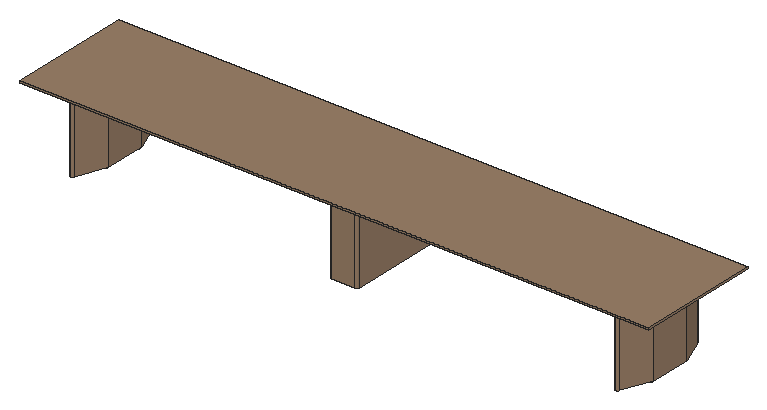
Revit family "Table-Teknion-CFTSTH_Figure_Table_Rectangular_Hexa_Panel_Base_Subtop-R2023", category Furniture, Revit 2023
Family settings
  OmniClass Number = 23.40.20.00
  OmniClass Title = General Furniture and Specialties
  Work Plane-Based = No
  Enable Cutting in Views = No
  Always vertical = Yes
  Cut with Voids When Loaded = No
  Render Appearance Source = Family Geometry
  Shared = Yes
  Room Calculation Point = No
Parameters (values of type "Softened Panel Central Base")
  Width [instance] = 240.000"
  Warranty = "http://www.teknion.com/ca/papers/legal-canada"
  Unit Weight URL = "http://www.teknion.com/ca/tools/assets#&asset=bee6a381-b954-425e-8283-5a2de3a804f2,f828d448-4b62-4231-9e5f-9a8991c0ed77"
  URL = "www.teknion.com"
  Top Finish [instance] = Veneer-Teknion-LX-Natural_Veneer_V3-Sierra_Flat_Cut
  To render please download texture images found here [instance] = "https://assets.teknion.com/web/5e81352c1dfdb467/revit-material-swatches/"
  Sustainability Data = "https://www.teknion.com/ca/tools/assets#&topic=216f99a5-57a0-44fc-b10a-9dee9b29ae4c&asset=444deb64-fe58-4b68-981e-f75e97781df7,b4ff2d81-9f2e-437d-9659-7cffb09c31cf"
  Series = "Custom Wood Boardroom & Reception Tables"  # constant formula
  S - Softened Panel = yes
  Product Page URL = "https://www.teknion.com/ca/products/product-details?productLineId=f182336e-8e7a-673b-a6c8-ff00004460c4"
  Product Line = "Figure Table"  # constant formula
  Product Documentation Link = "https://d2r72yk5wmppdj.cloudfront.net/m/7b6608f508e3c5a8/Community_Table_Cut_Sheet.pdf"
  Power Cover Finish [instance] = Paint - Teknion - Foundation - Sand
  Part Number = "CFTSTH"  # constant formula
  Panel Width [instance] = if(Depth = 60.000", 36.000", 30.000")  # 36.000"
  N - No Central Base = no
  Model = "CFTSTH_____S"
  Manufacturer Phone = "416-661-3370"  # constant formula
  Manufacturer Fax = "416.661.4586"  # constant formula
  Manufacturer Contact Information = "http://www.teknion.com/ca/contactus"
  Manufacturer Address = "1150 Flint Road, Toronto, ON. M3J 2J5. Canada"  # constant formula
  Manufacturer = "Teknion"  # constant formula
  2D - Softened + 36" Panel Width [instance] = and([S - Softened Panel], Panel Width = 36.000")  # yes
  2D - Softened + 30" Panel Width [instance] = and([S - Softened Panel], Panel Width = 30.000")  # no
  2D - Hexa Panel [instance] = [H - Hexa Panel]  # no
  How To Use Teknion Materials User Guide [instance] = "https://assets.teknion.com/m/205dd0a49fa58060/original/How-to-add-a-Material-Library-and-Texture-Images-to-your-Revit-project.pdf"
  H - Hexa Panel = no
  Glide Finish [instance] = Paint - Teknion - Foundation - Sand
  For Additional Finishes please visit [instance] = "https://assets.teknion.com/m/44a8009b046e5d47/original/Teknion_Materials_Library.zip"
  Dim 2 [instance] = if(Depth = 48.000", 15.000", 18.000")  # 18.000"
  Dim 1 [instance] = if([N - No Central Base], 3.000", 19.000")  # 19.000"
  Description = "Figure Table, Rectangular, Hexa Panel Base, Subtop , Softened Panel Central Base"
  Depth [instance] = 60.000"
  Default Elevation = 0.000"
  Cut - Central Base - Softened = if([S - Softened Panel], 15.000", 0.300")  # 15.000"
  Cut - Central Base - Hexa = if([H - Hexa Panel], 15.000", 0.300")  # 0.300"
  Central Base With Wire Management = "Select Only One Central Base Option Below"  # constant formula
  Base Finish [instance] = Veneer-Teknion-LX-Natural_Veneer_V3-Sierra_Flat_Cut
  Available Width [instance] = if([N - No Central Base], "096, 108 & 120 Inch Only", "132, 144, 156, 168, 180, 192, 204, 216, 228 & 240 Inch")  # "132, 144, 156, 168, 180, 192, 204, 216, 228 & 240 Inch"
  Available Depth [instance] = "48, 54 & 60 Inch"  # constant formula
  Assembly Code = "E2020200"
Reference planes (in)
  plane 1 "Center Front/Back": y = 0
  plane 2: z = 0
  plane 3 "Center Left/Right": x = 0
  plane 4 "Left": x = -120
  plane 5 "Right": x = 120
  plane 6 "Back": y = 30
  plane 7 "Front": y = -30
  plane 8 "Top": z = 29
  plane 9: x = -97
  plane 10: x = 97
  plane 11: x = -78
  plane 12: x = 78
  plane 13: x = -40
  plane 14: x = 40
  plane 15: z = 28
  plane 16: y = 22
  plane 17: x = 112
  plane 18: x = -112
  plane 19: y = -22
Forms (in)
  Sweep 1, solid, material "Veneer-Teknion-LX-Natural_Veneer_V3-Sierra_Flat_Cut" <- "Top Finish"
    path origin (0, 0, 0) x (1, 0, 0) y (0, 0, 1)
      loop
        line (0, 27.5) -> (0, 26.75)
    profile origin (0, 0, 27.125) x (0, -1, 0) y (1, 0, 0)
      loop
        line (-22, -112) -> (22, -112) -> (22, 112) -> (-22, 112) -> (-22, -112)
  Sweep 2, solid, material "Veneer-Teknion-LX-Natural_Veneer_V3-Sierra_Flat_Cut" <- "Top Finish"
    path origin (0, 0, 0) x (1, 0, 0) y (0, 1, 0)
      loop
        line (-97, 0) -> (97, 0)
    profile origin (0, 0, 0) x (0, 1, 0) y (0, 0, 1)
      loop
        line (10.932, 26.75) -> (7.932, 18.75) -> (9, 18.75) -> (12, 26.75) -> (10.932, 26.75)
      loop
        line (-7.932, 18.75) -> (-10.932, 26.75) -> (-12, 26.75) -> (-9, 18.75) -> (-7.932, 18.75)
  Sweep 3, void
    path origin (0, 0, 0) x (1, 0, 0) y (0, 0, 1)
      loop
        line (0, 27) -> (0, 13)
    profile origin (0, 0, 20) x (0, -1, 0) y (1, 0, 0)
      loop
        line (-7.932, -92.26447) -> (-12, -93.90516) -> (-12, -97) -> (-7.932, -97) -> (-7.932, -92.26447)
      loop
        line (7.932, -92.26447) -> (7.932, -97) -> (12, -97) -> (12, -93.90516) -> (7.932, -92.26447)
      loop
        line (-7.932, 92.26447) -> (-7.932, 97) -> (-12, 97) -> (-12, 93.90516) -> (-7.932, 92.26447)
      loop
        line (7.932, 92.26447) -> (12, 93.90516) -> (12, 97) -> (7.932, 97) -> (7.932, 92.26447)
  Sweep 4, void
    path origin (0, 0, 0) x (1, 0, 0) y (0, 0, 1)
      loop
        line (0, 14) -> (0, 14.3)
    profile origin (0, 0, 14.15) x (-1, 0, 0) y (0, -1, 0)
      loop
        line (2.68094, 13.02625) -> (-2.68094, 13.02625) -> (-5, 7.27625) -> (5, 7.27625) -> (2.68094, 13.02625)
      loop
        line (2.68094, -13.02625) -> (5, -7.27625) -> (-5, -7.27625) -> (-2.68094, -13.02625) -> (2.68094, -13.02625)
  Sweep 5, void
    path origin (0, 0, 0) x (1, 0, 0) y (0, 0, 1)
      loop
        line (0, 15) -> (0, 30)
    profile origin (0, 0, 22.5) x (-1, 0, 0) y (0, -1, 0)
      loop
        line (5, -13.93709) -> (5, 13.93709) -> (-5, 13.93709) -> (-5, -13.93709) -> (5, -13.93709)
Cuts and joins
  Sweep 3, Sweep 4, Sweep 5 cuts Sweep 2
Lines and regions (in)
  Masking region 1
    outline origin (0, 0, 0) x (1, 0, 0) y (0, 1, 0)
      loop
        line (112, 22) -> (-112, 22) -> (-112, -22) -> (112, -22) -> (112, 22)
  symbolic lines, style "FurnitureHiddenLines", visible <- "N - No Central Base", detail levels medium+fine
    curve 1: line (93.90516, 12, 0) -> (-93.90516, 12, 0)
    curve 2: line (93.47442, 10.932, 0) -> (-93.47442, 10.932, 0)
    curve 3: line (92.69521, 9, 0) -> (-92.69521, 9, 0)
    curve 4: line (-92.26447, 7.932, 0) -> (92.26447, 7.932, 0)
    curve 5: line (92.26447, -7.932, 0) -> (-92.26447, -7.932, 0)
    curve 6: line (92.69521, -9, 0) -> (-92.69521, -9, 0)
    curve 7: line (-93.47442, -10.932, 0) -> (93.47442, -10.932, 0)
    curve 8: line (93.90516, -12, 0) -> (-93.90516, -12, 0)
  symbolic lines, style "FurnitureHiddenLines", visible <- "S - Softened Panel", detail levels medium+fine
    curve 9: line (93.90516, 12, 0) -> (5, 12, 0)
    curve 10: line (93.47442, 10.932, 0) -> (5, 10.932, 0)
    curve 11: line (92.69521, 9, 0) -> (5, 9, 0)
    curve 12: line (-92.26447, 7.932, 0) -> (-5, 7.932, 0)
    curve 13: line (92.26447, -7.932, 0) -> (5, -7.932, 0)
    curve 14: line (92.69521, -9, 0) -> (5, -9, 0)
    curve 15: line (-93.47442, -10.932, 0) -> (-5, -10.932, 0)
    curve 16: line (93.90516, -12, 0) -> (5, -12, 0)
    curve 17: line (-5, 12, 0) -> (-93.90516, 12, 0)
    curve 18: line (-5, 10.932, 0) -> (-93.47442, 10.932, 0)
    curve 19: line (-5, 9, 0) -> (-92.69521, 9, 0)
    curve 20: line (5, 7.932, 0) -> (92.26447, 7.932, 0)
    curve 21: line (-5, -7.932, 0) -> (-92.26447, -7.932, 0)
    curve 22: line (-5, -9, 0) -> (-92.69521, -9, 0)
    curve 23: line (5, -10.932, 0) -> (93.47442, -10.932, 0)
    curve 24: line (-5, -12, 0) -> (-93.90516, -12, 0)
  symbolic lines, style "FurnitureHiddenLines", visible <- "H - Hexa Panel", detail levels medium+fine
    curve 25: line (93.90516, 12, 0) -> (3.09484, 12, 0)
    curve 26: line (93.47442, 10.932, 0) -> (3.52558, 10.932, 0)
    curve 27: line (92.69521, 9, 0) -> (4.30479, 9, 0)
    curve 28: line (-92.26447, 7.932, 0) -> (-4.73553, 7.932, 0)
    curve 29: line (92.26447, -7.932, 0) -> (4.73553, -7.932, 0)
    curve 30: line (92.69521, -9, 0) -> (4.30479, -9, 0)
    curve 31: line (-93.47442, -10.932, 0) -> (-3.52558, -10.932, 0)
    curve 32: line (93.90516, -12, 0) -> (3.09484, -12, 0)
    curve 33: line (-3.09484, -12, 0) -> (-93.90516, -12, 0)
    curve 34: line (3.52558, -10.932, 0) -> (93.47442, -10.932, 0)
    curve 35: line (-4.30479, -9, 0) -> (-92.69521, -9, 0)
    curve 36: line (-4.73553, -7.932, 0) -> (-92.26447, -7.932, 0)
    curve 37: line (4.73553, 7.932, 0) -> (92.26447, 7.932, 0)
    curve 38: line (-4.30479, 9, 0) -> (-92.69521, 9, 0)
    curve 39: line (-3.52558, 10.932, 0) -> (-93.47442, 10.932, 0)
    curve 40: line (-3.09484, 12, 0) -> (-93.90516, 12, 0)
  reference lines
    curve 41: line (-112, 22, 0) -> (112, 22, 0)
    curve 42: line (112, -22, 0) -> (112, 22, 0)
    curve 43: line (112, -22, 0) -> (-112, -22, 0)
    curve 44: line (-112, 22, 0) -> (-112, -22, 0)
Dimensions and locks (in)
  "Width": plane 4 "Left" to plane 5 "Right"
  "Depth": plane 6 "Back" to plane 7 "Front"
  locked: plane 8 "Top" to level at 29
  equal spacing: plane 6 "Back", plane 1 "Center Front/Back", plane 7 "Front"
  equal spacing: plane 4 "Left", plane 3 "Center Left/Right", plane 5 "Right"
  Sweep 1 sketch curve to Sweep 1 sketch curve to plane 8 "Top" = 0.750" locked, 1.500" locked
  locked: plane 4 "Left" to Sweep 1 sketch curve at 8
  locked: Sweep 1 sketch curve to plane 5 "Right" at 8
  locked: plane 6 "Back" to Sweep 1 sketch curve at 8
  locked: plane 7 "Front" to Sweep 1 sketch curve at 8
  locked: plane 4 "Left" to Sweep 2 sketch curve at 23
  locked: Sweep 2 sketch curve to plane 5 "Right" at 23
  Sweep 2 sketch curve to Sweep 2 sketch curve to Sweep 2 sketch curve to Sweep 2 sketch curve = 1.068" locked, 1.932" locked, 1.068" locked  (x2)
  plane 8 "Top" to Sweep 2 sketch curve to Sweep 2 sketch curve = 2.250" locked, 8.000" locked
  Sweep 3 sketch curve to Sweep 3 sketch curve to plane 8 "Top" = 14.000" locked, 2.000" locked
  locked: plane 4 "Left" to plane 9 at 23
  locked: plane 10 to plane 5 "Right" at 23
  "Dim 1": plane 9 to plane 11
  "Dim 1": plane 12 to plane 10
  locked: Sweep 4 sketch curve to plane 2 at 14
  "Cut - Central Base - Hexa": Sweep 4 sketch curve to Sweep 4 sketch curve
  Sweep 4 sketch curve to Sweep 4 sketch curve to plane 3 "Center Left/Right" to Sweep 4 sketch curve to Sweep 4 sketch curve = 2.31906" locked, 2.68094" locked, 2.68094" locked, 2.31906" locked  (x2)
  plane 7 "Front" to Sweep 4 sketch curve to Sweep 4 sketch curve = 16.97375" locked, 5.750" locked
  plane 6 "Back" to Sweep 4 sketch curve to Sweep 4 sketch curve = 16.97375" locked, 5.750" locked
  equal spacing: plane 4 "Left", plane 13, plane 14, plane 5 "Right"
  locked: plane 8 "Top" to plane 15 at 1
  "Cut - Central Base - Softened": Sweep 5 sketch curve to Sweep 5 sketch curve
  locked: plane 8 "Top" to Sweep 5 sketch curve at 14
  Sweep 5 sketch curve to plane 1 "Center Front/Back" to Sweep 5 sketch curve = 13.93709" locked, 13.93709" locked
  Sweep 5 sketch curve to plane 3 "Center Left/Right" to Sweep 5 sketch curve = 5.000" locked, 5.000" locked
  "Dim 2": plane 7 "Front" to Sweep 2 sketch curve
  "Dim 2": Sweep 2 sketch curve to plane 6 "Back"
  "Dim 2": plane 6 "Back" to Sweep 3 sketch curve
  locked: Sweep 3 sketch curve to Sweep 3 sketch curve at 4.068  (x4)
  plane 9 to Sweep 3 sketch curve to Sweep 3 sketch curve = 3.09484" locked, 1.64068" locked  (x2)
  "Dim 2": Sweep 3 sketch curve to plane 7 "Front"
  plane 10 to Sweep 3 sketch curve to Sweep 3 sketch curve = 3.09484" locked, 1.64068" locked  (x2)
  "Dim 2": Sweep 3 sketch curve to plane 6 "Back"
  "Dim 2": plane 7 "Front" to Sweep 3 sketch curve
  locked: plane 7 "Front" to plane 19 at 8
  locked: plane 6 "Back" to plane 16 at 8
  locked: plane 4 "Left" to plane 18 at 8
  locked: plane 17 to plane 5 "Right" at 8
  aligned and locked: level to plane 2
  aligned and locked: Sweep 1 sketch curve to plane 3 "Center Left/Right"
  aligned and locked: plane 1 "Center Front/Back" to Sweep 2 sketch curve
  aligned and locked: Sweep 2 sketch curve to Sweep 2 sketch curve  (x2)
  aligned and locked: Sweep 3 sketch curve to plane 3 "Center Left/Right"
  aligned and locked: plane 1 "Center Front/Back" to nested 1
  aligned and locked: plane 1 "Center Front/Back" to nested 2
  aligned and locked: plane 9 to nested 2
  aligned and locked: nested 1 to plane 10
  aligned and locked: plane 3 "Center Left/Right" to nested 3
  aligned and locked: plane 1 "Center Front/Back" to nested 3
  aligned and locked: nested 3 to Sweep 4 sketch curve
  aligned and locked: plane 3 "Center Left/Right" to Sweep 5 sketch curve
  aligned and locked: plane 3 "Center Left/Right" to nested 4
  aligned and locked: plane 1 "Center Front/Back" to nested 4
  aligned and locked: Sweep 3 sketch curve to nested 2
  aligned and locked: plane 9 to Sweep 3 sketch curve
  aligned and locked: curve 1 to cut or joined group of Sweep 2, Sweep 3, Sweep 4, Sweep 5
  aligned and locked: curve 2 to cut or joined group of Sweep 2, Sweep 3, Sweep 4, Sweep 5
  aligned and locked: curve 3 to cut or joined group of Sweep 2, Sweep 3, Sweep 4, Sweep 5
  aligned and locked: curve 4 to cut or joined group of Sweep 2, Sweep 3, Sweep 4, Sweep 5
  aligned and locked: curve 5 to cut or joined group of Sweep 2, Sweep 3, Sweep 4, Sweep 5
  aligned and locked: curve 6 to cut or joined group of Sweep 2, Sweep 3, Sweep 4, Sweep 5
  aligned and locked: curve 7 to cut or joined group of Sweep 2, Sweep 3, Sweep 4, Sweep 5
  aligned and locked: curve 8 to cut or joined group of Sweep 2, Sweep 3, Sweep 4, Sweep 5
  aligned and locked: curve 9 to cut or joined group of Sweep 2, Sweep 3, Sweep 4, Sweep 5
  aligned and locked: curve 10 to cut or joined group of Sweep 2, Sweep 3, Sweep 4, Sweep 5
  aligned and locked: curve 11 to cut or joined group of Sweep 2, Sweep 3, Sweep 4, Sweep 5
  aligned and locked: curve 12 to cut or joined group of Sweep 2, Sweep 3, Sweep 4, Sweep 5
  aligned and locked: curve 13 to cut or joined group of Sweep 2, Sweep 3, Sweep 4, Sweep 5
  aligned and locked: curve 14 to cut or joined group of Sweep 2, Sweep 3, Sweep 4, Sweep 5
  aligned and locked: curve 15 to cut or joined group of Sweep 2, Sweep 3, Sweep 4, Sweep 5
  aligned and locked: curve 16 to cut or joined group of Sweep 2, Sweep 3, Sweep 4, Sweep 5
  aligned and locked: cut or joined group of Sweep 2, Sweep 3, Sweep 4, Sweep 5 to curve 24
  aligned and locked: cut or joined group of Sweep 2, Sweep 3, Sweep 4, Sweep 5 to curve 22
  aligned and locked: cut or joined group of Sweep 2, Sweep 3, Sweep 4, Sweep 5 to curve 21
  aligned and locked: cut or joined group of Sweep 2, Sweep 3, Sweep 4, Sweep 5 to curve 23
  aligned and locked: cut or joined group of Sweep 2, Sweep 3, Sweep 4, Sweep 5 to curve 17
  aligned and locked: cut or joined group of Sweep 2, Sweep 3, Sweep 4, Sweep 5 to curve 18
  aligned and locked: cut or joined group of Sweep 2, Sweep 3, Sweep 4, Sweep 5 to curve 19
  aligned and locked: cut or joined group of Sweep 2, Sweep 3, Sweep 4, Sweep 5 to curve 20
  aligned and locked: curve 25 to cut or joined group of Sweep 2, Sweep 3, Sweep 4, Sweep 5
  aligned and locked: curve 26 to cut or joined group of Sweep 2, Sweep 3, Sweep 4, Sweep 5
  aligned and locked: curve 27 to cut or joined group of Sweep 2, Sweep 3, Sweep 4, Sweep 5
  aligned and locked: curve 28 to cut or joined group of Sweep 2, Sweep 3, Sweep 4, Sweep 5
  aligned and locked: curve 29 to cut or joined group of Sweep 2, Sweep 3, Sweep 4, Sweep 5
  aligned and locked: curve 30 to cut or joined group of Sweep 2, Sweep 3, Sweep 4, Sweep 5
  aligned and locked: curve 31 to cut or joined group of Sweep 2, Sweep 3, Sweep 4, Sweep 5
  aligned and locked: curve 32 to cut or joined group of Sweep 2, Sweep 3, Sweep 4, Sweep 5
  aligned and locked: cut or joined group of Sweep 2, Sweep 3, Sweep 4, Sweep 5 to curve 33
  aligned and locked: cut or joined group of Sweep 2, Sweep 3, Sweep 4, Sweep 5 to curve 34
  aligned and locked: cut or joined group of Sweep 2, Sweep 3, Sweep 4, Sweep 5 to curve 35
  aligned and locked: cut or joined group of Sweep 2, Sweep 3, Sweep 4, Sweep 5 to curve 36
  aligned and locked: cut or joined group of Sweep 2, Sweep 3, Sweep 4, Sweep 5 to curve 37
  aligned and locked: cut or joined group of Sweep 2, Sweep 3, Sweep 4, Sweep 5 to curve 38
  aligned and locked: cut or joined group of Sweep 2, Sweep 3, Sweep 4, Sweep 5 to curve 39
  aligned and locked: cut or joined group of Sweep 2, Sweep 3, Sweep 4, Sweep 5 to curve 40
  aligned and locked: Masking region 1 sketch curve to Sweep 1  (x4)
  aligned and locked: curve 41 to plane 16
  aligned and locked: curve 42 to plane 17
  aligned and locked: curve 43 to plane 19
  aligned and locked: curve 44 to plane 18
  aligned and locked: plane 2 to nested 2
  aligned and locked: plane 2 to nested 4
  aligned and locked: plane 2 to nested 3
  aligned and locked: plane 2 to nested 1
  aligned and locked: plane 1 "Center Front/Back" to nested 5
  aligned and locked: plane 3 "Center Left/Right" to nested 5
Automatic sketch dimensions
  Sweep 3 sketch curve to Sweep 3 sketch curve = 3.09484"  (x2)
  curve 17 to plane 3 "Center Left/Right" = 5.000"
  plane 3 "Center Left/Right" to curve 10 = 5.000"
  curve 11 to curve 20 = 0.000"
  plane 3 "Center Left/Right" to curve 16 = 5.000"
  plane 3 "Center Left/Right" to curve 9 = 5.000"
  curve 18 to curve 17 = 0.000"
  plane 3 "Center Left/Right" to curve 11 = 5.000"
  plane 3 "Center Left/Right" to curve 14 = 5.000"
  curve 13 to curve 14 = 0.000"
  curve 15 to curve 22 = 0.000"
  curve 24 to curve 15 = 0.000"
  curve 23 to curve 16 = 0.000"
  curve 24 to curve 33 = 1.90516"
  curve 21 to curve 36 = 0.26447"
  curve 19 to curve 38 = 0.69521"
  curve 22 to plane 3 "Center Left/Right" = 5.000"
  curve 19 to curve 18 = 0.000"
  curve 21 to curve 22 = 0.000"
  curve 12 to curve 19 = 0.000"
  curve 12 to curve 28 = 0.26447"
  curve 22 to curve 35 = 0.69521"
  curve 31 to curve 33 = 0.43074"
  curve 18 to curve 39 = 1.47442"
  curve 39 to curve 40 = 0.43074"
  curve 32 to curve 16 = 1.90516"
  curve 25 to curve 9 = 1.90516"
  curve 25 to curve 26 = 0.43074"
  curve 32 to curve 34 = 0.43074"
  curve 30 to curve 14 = 0.69521"
  curve 27 to curve 11 = 0.69521"
  curve 29 to curve 13 = 0.26447"
  curve 37 to curve 20 = 0.26447"
  plane 9 to curve 12 = 4.73553"
  curve 28 to curve 12 = 0.000"
  plane 9 to curve 21 = 4.73553"
  curve 36 to curve 21 = 0.000"
  curve 4 to curve 12 = 0.000"
  curve 5 to curve 21 = 0.000"
  curve 3 to curve 4 = 0.43074"
  curve 22 to curve 5 = 0.43074"
  curve 35 to curve 22 = 0.000"
  curve 19 to curve 3 = 0.000"
  curve 38 to curve 19 = 0.000"
  curve 6 to curve 22 = 0.000"
  curve 15 to curve 6 = 0.7792"
  curve 18 to curve 19 = 0.7792"
  curve 39 to curve 18 = 0.000"
  curve 7 to curve 15 = 0.000"
  curve 2 to curve 18 = 0.000"
  curve 31 to curve 7 = 0.000"
  curve 33 to curve 7 = 0.43074"
  curve 24 to curve 33 = 0.000"
  curve 1 to curve 18 = 0.43074"
  curve 17 to curve 1 = 0.000"
  curve 8 to curve 24 = 0.000"
  curve 40 to curve 1 = 0.000"
  plane 10 to curve 5 = 4.73553"
  plane 10 to curve 37 = 4.73553"
  curve 20 to curve 37 = 0.000"
  curve 13 to curve 5 = 0.000"
  curve 4 to curve 20 = 0.000"
  curve 29 to curve 5 = 0.000"
  curve 5 to curve 14 = 0.43074"
  curve 20 to curve 27 = 0.43074"
  curve 30 to curve 14 = 0.000"
  curve 6 to curve 14 = 0.000"
  curve 3 to curve 27 = 0.000"
  curve 11 to curve 3 = 0.000"
  curve 3 to curve 26 = 0.7792"
  curve 6 to curve 7 = 0.7792"
  curve 34 to curve 7 = 0.000"
  curve 10 to curve 26 = 0.000"
  curve 23 to curve 34 = 0.000"
  curve 2 to curve 10 = 0.000"
  curve 23 to curve 8 = 0.43074"
  curve 2 to curve 25 = 0.43074"
  curve 9 to curve 25 = 0.000"
  curve 32 to curve 8 = 0.000"
  curve 16 to curve 8 = 0.000"
  curve 1 to curve 9 = 0.000"
Nested families (in)
  nested 1: "Hexa Panel" at (97, 0, 0), Panel Width <- "Panel Width", Base Finish <- "Base Finish", Glide Finish <- "Glide Finish", type "Hexa Panel"
    with To render please download texture images found here "https://assets.teknion.com/web/5e81352c1dfdb467/revit-material-swatches/", Panel Width 36.000", How To Use Teknion Materials User Guide "https://assets.teknion.com/m/205dd0a49fa58060/original/How-to-add-a-Material-Library-and-Texture-Images-to-your-Revit-project.pdf", Glide Finish Paint - Teknion - Foundation - Sand, For Additional Finishes please visit "https://assets.teknion.com/m/44a8009b046e5d47/original/Teknion_Materials_Library.zip", Base Finish Veneer-Teknion-LX-Natural_Veneer_V3-Sierra_Flat_Cut
  nested 2: "Hexa Panel" at (-97, 0, 0), Panel Width <- "Panel Width", Base Finish <- "Base Finish", Glide Finish <- "Glide Finish", type "Hexa Panel"
    with To render please download texture images found here "https://assets.teknion.com/web/5e81352c1dfdb467/revit-material-swatches/", Panel Width 36.000", How To Use Teknion Materials User Guide "https://assets.teknion.com/m/205dd0a49fa58060/original/How-to-add-a-Material-Library-and-Texture-Images-to-your-Revit-project.pdf", Glide Finish Paint - Teknion - Foundation - Sand, For Additional Finishes please visit "https://assets.teknion.com/m/44a8009b046e5d47/original/Teknion_Materials_Library.zip", Base Finish Veneer-Teknion-LX-Natural_Veneer_V3-Sierra_Flat_Cut
  nested 3: "Hexa Panel" at (0, 0, 0), Panel Width <- "Panel Width", visible <- "2D - Hexa Panel", Base Finish <- "Base Finish", Glide Finish <- "Glide Finish", type "Hexa Panel"
    with To render please download texture images found here "https://assets.teknion.com/web/5e81352c1dfdb467/revit-material-swatches/", Panel Width 36.000", How To Use Teknion Materials User Guide "https://assets.teknion.com/m/205dd0a49fa58060/original/How-to-add-a-Material-Library-and-Texture-Images-to-your-Revit-project.pdf", Glide Finish Paint - Teknion - Foundation - Sand, For Additional Finishes please visit "https://assets.teknion.com/m/44a8009b046e5d47/original/Teknion_Materials_Library.zip", Base Finish Veneer-Teknion-LX-Natural_Veneer_V3-Sierra_Flat_Cut
  nested 4: "Softened Panel" at (0, 0, 0), Panel Width <- "Panel Width", visible <- "S - Softened Panel", Base Finish <- "Base Finish", Glide Finish <- "Glide Finish", type "Softened Panel"
    with To render please download texture images found here "https://assets.teknion.com/web/5e81352c1dfdb467/revit-material-swatches/", Panel Width 36.000", How To Use Teknion Materials User Guide "https://assets.teknion.com/m/205dd0a49fa58060/original/How-to-add-a-Material-Library-and-Texture-Images-to-your-Revit-project.pdf", Glide Finish Paint - Teknion - Foundation - Sand, For Additional Finishes please visit "https://assets.teknion.com/m/44a8009b046e5d47/original/Teknion_Materials_Library.zip", Cut 3 0.300", Cut 2 0.300", Cut 1 15.000", Base Finish Veneer-Teknion-LX-Natural_Veneer_V3-Sierra_Flat_Cut, 2D - 36W yes, 2D - 30W no
  nested 5: "Teknion_2D_Node_Family-R2016" at (0, 0, 0), type "Teknion_2D_Node_Family-R2016"
Definition of nested family "Hexa Panel"
  Parameters (values of type "Hexa Panel")
    Warranty = "http://www.teknion.com/ca/papers/legal-canada"
    Unit Weight URL = "http://www.teknion.com/ca/tools/assets#&asset=bee6a381-b954-425e-8283-5a2de3a804f2,f828d448-4b62-4231-9e5f-9a8991c0ed77"
    URL = "www.teknion.com"
    To render please download texture images found here [instance] = "https://assets.teknion.com/web/5e81352c1dfdb467/revit-material-swatches/"
    Sustainability Data = "https://www.teknion.com/ca/tools/assets#&topic=216f99a5-57a0-44fc-b10a-9dee9b29ae4c&asset=444deb64-fe58-4b68-981e-f75e97781df7,b4ff2d81-9f2e-437d-9659-7cffb09c31cf"
    Series = ""
    Product Page URL = ""
    Product Line = ""
    Product Documentation Link = ""
    Part Number = ""
    Panel Width [instance] = 36.000"
    Model = ""
    Manufacturer Phone = "416-661-3370"  # constant formula
    Manufacturer Fax = "416.661.4586"  # constant formula
    Manufacturer Contact Information = "http://www.teknion.com/ca/contactus"
    Manufacturer Address = "1150 Flint Road, Toronto, ON. M3J 2J5. Canada"  # constant formula
    Manufacturer = "Teknion"  # constant formula
    How To Use Teknion Materials User Guide [instance] = "https://assets.teknion.com/m/205dd0a49fa58060/original/How-to-add-a-Material-Library-and-Texture-Images-to-your-Revit-project.pdf"
    Glide Finish [instance] = none
    For Additional Finishes please visit [instance] = "https://assets.teknion.com/m/44a8009b046e5d47/original/Teknion_Materials_Library.zip"
    Description = "Hexa Panel"
    Default Elevation = 0.000"
    Base Finish [instance] = none
    Assembly Code = "E2020200"
  Reference planes (in)
    plane 1 "Center Front/Back": y = 0
    plane 2: z = 0
    plane 3 "Center Left/Right": x = 0
    plane 4 "Left": x = -5
    plane 5 "Right": x = 5
    plane 6 "Back": y = 18
    plane 7 "Front": y = -18
    plane 8 "Top": z = 26.75
    plane 9 "1": y = -15.5
    plane 10 "2": y = -7.06461
    plane 11 "4": y = 15.5
    plane 12 "3": y = 7.06461
    plane 13: z = 0.5
  Forms (in)
    Sweep 1, solid, material <- "Base Finish"
      path origin (0, 0, 0) x (1, 0, 0) y (0, 0, 1)
        loop
          line (0, 26.75) -> (0, 0.5)
      profile origin (0, 0, 13.625) x (0, -1, 0) y (1, 0, 0)
        loop
          line (-7.27625, 5) -> (-17.37404, 0.92741)
          arc (-17.37404, 0.92741) -> (-17.82887, 0.55945) -> (-18, 0) r 1
          arc (-18, 0) -> (-17.82887, -0.55945) -> (-17.37404, -0.92741) r 1
          line (-17.37404, -0.92741) -> (-7.27625, -5) -> (7.27625, -5) -> (17.37404, -0.92741)
          arc (17.37404, -0.92741) -> (17.82887, -0.55945) -> (18, 0) r 1
          arc (18, 0) -> (17.82887, 0.55945) -> (17.37404, 0.92741) r 1
          line (17.37404, 0.92741) -> (7.27625, 5) -> (-7.27625, 5)
    Sweep 2, void
      path origin (0, 0, 0) x (1, 0, 0) y (0, 0, 1)
        loop
          line (0, 26) -> (0, 1.25)
      profile origin (0, 0, 13.625) x (0, -1, 0) y (1, 0, 0)
        loop
          line (-7.25333, -4.88189) -> (7.25333, -4.88189) -> (17.13189, -0.89772) -> (17.13189, 0.89772) -> (7.25333, 4.88189) -> (-7.25333, 4.88189) -> (-17.13189, 0.89772) -> (-17.13189, -0.89772) -> (-7.25333, -4.88189)
    Sweep 3, void
      path origin (0, 0, 0) x (1, 0, 0) y (0, 0, 1)
        loop
          line (0, 28.75) -> (0, -2.25)
      profile origin (0, 0, 13.25) x (0, -1, 0) y (1, 0, 0)
        loop
          line (6.8652, -2.88189) -> (11.71124, -0.92741)
          arc (11.71124, -0.92741) -> (12.16607, -0.55945) -> (12.3372, 0) r 1
          arc (12.3372, 0) -> (12.16607, 0.55945) -> (11.71124, 0.92741) r 1
          line (11.71124, 0.92741) -> (6.8652, 2.88189) -> (-6.8652, 2.88189) -> (-11.71124, 0.92741)
          arc (-11.71124, 0.92741) -> (-12.16607, 0.55945) -> (-12.3372, 0) r 1
          arc (-12.3372, 0) -> (-12.16607, -0.55945) -> (-11.71124, -0.92741) r 1
          line (-11.71124, -0.92741) -> (-6.8652, -2.88189) -> (6.8652, -2.88189)
    Revolve 4, solid, material <- "Glide Finish"
      sketch origin (0, -15.5, 0) x (-1, 0, 0) y (0, 0, 1)
        loop
          line (0, 0.25) -> (0, 0) -> (0.5, 0) -> (0.5, 0.25) -> (0, 0.25)
        axis (0, 0.25) -> (0, 0)
      angle from 0 to 360
    Revolve 5, solid, material <- "Glide Finish"
      sketch origin (0, -7.06461, 0) x (-1, 0, 0) y (0, 0, 1)
        loop
          line (3.90943, 0.25) -> (3.90943, 0) -> (4.40943, 0) -> (4.40943, 0.25) -> (3.90943, 0.25)
        axis (3.90943, 0.25) -> (3.90943, 0)
      angle from 0 to 360
    Revolve 6, solid, material <- "Glide Finish"
      sketch origin (7.81887, -7.06461, 0) x (-1, 0, 0) y (0, 0, 1)
        loop
          line (3.90943, 0.25) -> (3.90943, 0) -> (4.40943, 0) -> (4.40943, 0.25) -> (3.90943, 0.25)
        axis (3.90943, 0.25) -> (3.90943, 0)
      angle from 0 to 360
    Revolve 7, solid, material <- "Glide Finish"
      sketch origin (0, 7.06461, 0) x (-1, 0, 0) y (0, 0, 1)
        loop
          line (3.90943, 0.25) -> (3.90943, 0) -> (4.40943, 0) -> (4.40943, 0.25) -> (3.90943, 0.25)
        axis (3.90943, 0.25) -> (3.90943, 0)
      angle from 0 to 360
    Revolve 8, solid, material <- "Glide Finish"
      sketch origin (0, 7.06461, 0) x (-1, 0, 0) y (0, 0, 1)
        loop
          line (-3.90943, 0.25) -> (-3.90943, 0) -> (-3.40943, 0) -> (-3.40943, 0.25) -> (-3.90943, 0.25)
        axis (-3.90943, 0.25) -> (-3.90943, 0)
      angle from 0 to 360
    Revolve 9, solid, material <- "Glide Finish"
      sketch origin (0, 15.5, 0) x (-1, 0, 0) y (0, 0, 1)
        loop
          line (0, 0.25) -> (0, 0) -> (0.5, 0) -> (0.5, 0.25) -> (0, 0.25)
        axis (0, 0.25) -> (0, 0)
      angle from 0 to 360
    Sweep 10, solid, material <- "Glide Finish"
      path origin (0, 0, 0) x (1, 0, 0) y (0, 0, 1)
        loop
          line (0, 0.5) -> (0, 0.25)
      profile origin (0, 0, 0.375) x (0, -1, 0) y (1, 0, 0)
        loop
          line (15.1875, -0.18042) -> (15.5, -0.36084) -> (15.8125, -0.18042) -> (15.8125, 0.18042) -> (15.5, 0.36084) -> (15.1875, 0.18042) -> (15.1875, -0.18042)
        loop
          line (6.75211, -4.08986) -> (7.06461, -4.27028) -> (7.37711, -4.08986) -> (7.37711, -3.72901) -> (7.06461, -3.54859) -> (6.75211, -3.72901) -> (6.75211, -4.08986)
        loop
          line (6.75211, 3.72901) -> (7.06461, 3.54859) -> (7.37711, 3.72901) -> (7.37711, 4.08986) -> (7.06461, 4.27028) -> (6.75211, 4.08986) -> (6.75211, 3.72901)
        loop
          line (-7.37711, 3.72901) -> (-7.06461, 3.54859) -> (-6.75211, 3.72901) -> (-6.75211, 4.08986) -> (-7.06461, 4.27028) -> (-7.37711, 4.08986) -> (-7.37711, 3.72901)
        loop
          line (-7.37711, -4.08986) -> (-7.06461, -4.27028) -> (-6.75211, -4.08986) -> (-6.75211, -3.72901) -> (-7.06461, -3.54859) -> (-7.37711, -3.72901) -> (-7.37711, -4.08986)
        loop
          line (-15.8125, -0.18042) -> (-15.5, -0.36084) -> (-15.1875, -0.18042) -> (-15.1875, 0.18042) -> (-15.5, 0.36084) -> (-15.8125, 0.18042) -> (-15.8125, -0.18042)
  Cuts and joins
    Sweep 2, Sweep 3 cuts Sweep 1
    joined: Revolve 4, Revolve 5, Revolve 6, Revolve 7, Revolve 8, Revolve 9, Sweep 10
  Lines and regions (in)
    symbolic lines, detail levels medium+fine
      curve 1: line (5, 7.27625, 0) -> (0.67495, 18, 0)
      curve 2: line (-0.67495, 18, 0) -> (-5, 7.27625, 0)
      curve 3: arc (0, 18, 0) -> (-0.55945, 17.82887, 0) -> (-0.92741, 17.37404, 0) r 1
      curve 4: arc (0.92741, 17.37404, 0) -> (0.55945, 17.82887, 0) -> (0, 18, 0) r 1
      curve 5: line (5, -7.27625, 0) -> (5, 7.27625, 0)
      curve 6: line (-5, 7.27625, 0) -> (-5, -7.27625, 0)
      curve 7: line (-5, -7.27625, 0) -> (-0.67495, -18, 0)
      curve 8: line (0.67495, -18, 0) -> (5, -7.27625, 0)
      curve 9: arc (0, -18, 0) -> (0.55945, -17.82887, 0) -> (0.92741, -17.37404, 0) r 1
      curve 10: arc (-0.92741, -17.37404, 0) -> (-0.55945, -17.82887, 0) -> (0, -18, 0) r 1
      curve 11: line (-0.89772, -17.13189, 0) -> (0.89772, -17.13189, 0)
      curve 12: line (-4.88189, -7.25333, 0) -> (-0.89772, -17.13189, 0)
      curve 13: line (0.89772, -17.13189, 0) -> (4.88189, -7.25333, 0)
      curve 14: line (-4.88189, 7.25333, 0) -> (-4.88189, -7.25333, 0)
      curve 15: line (4.88189, -7.25333, 0) -> (4.88189, 7.25333, 0)
      curve 16: line (0.89772, 17.13189, 0) -> (-0.89772, 17.13189, 0)
      curve 17: line (-0.89772, 17.13189, 0) -> (-4.88189, 7.25333, 0)
      curve 18: line (4.88189, 7.25333, 0) -> (0.89772, 17.13189, 0)
      curve 19: line (2.88189, -6.8652, 0) -> (2.88189, 6.8652, 0)
      curve 20: line (0.92741, -11.71124, 0) -> (2.88189, -6.8652, 0)
      curve 21: line (-2.88189, -6.8652, 0) -> (-0.92741, -11.71124, 0)
      curve 22: line (-2.88189, 6.8652, 0) -> (-2.88189, -6.8652, 0)
      curve 23: line (-0.92741, 11.71124, 0) -> (-2.88189, 6.8652, 0)
      curve 24: line (2.88189, 6.8652, 0) -> (0.92741, 11.71124, 0)
      curve 25: arc (0.92741, 11.71124, 0) -> (0.55945, 12.16607, 0) -> (0, 12.3372, 0) r 1
      curve 26: arc (0, 12.3372, 0) -> (-0.55945, 12.16607, 0) -> (-0.92741, 11.71124, 0) r 1
      curve 27: arc (0, -12.3372, 0) -> (0.55945, -12.16607, 0) -> (0.92741, -11.71124, 0) r 1
      curve 28: arc (-0.92741, -11.71124, 0) -> (-0.55945, -12.16607, 0) -> (0, -12.3372, 0) r 1
    symbolic lines, detail levels fine
      curve 29: line (0.18042, -15.1875, 0) -> (-0.18042, -15.1875, 0)
      curve 30: line (-0.18042, -15.1875, 0) -> (-0.36084, -15.5, 0)
      curve 31: line (-0.36084, -15.5, 0) -> (-0.18042, -15.8125, 0)
      curve 32: line (-0.18042, -15.8125, 0) -> (0.18042, -15.8125, 0)
      curve 33: line (0.18042, -15.8125, 0) -> (0.36084, -15.5, 0)
      curve 34: line (0.36084, -15.5, 0) -> (0.18042, -15.1875, 0)
      curve 35: line (-3.54859, -7.06461, 0) -> (-3.72901, -6.75211, 0)
      curve 36: line (-3.72901, -6.75211, 0) -> (-4.08986, -6.75211, 0)
      curve 37: line (-4.08986, -6.75211, 0) -> (-4.27028, -7.06461, 0)
      curve 38: line (-4.27028, -7.06461, 0) -> (-4.08986, -7.37711, 0)
      curve 39: line (-4.08986, -7.37711, 0) -> (-3.72901, -7.37711, 0)
      curve 40: line (-3.72901, -7.37711, 0) -> (-3.54859, -7.06461, 0)
      curve 41: line (4.08986, -6.75211, 0) -> (3.72901, -6.75211, 0)
      curve 42: line (3.72901, -6.75211, 0) -> (3.54859, -7.06461, 0)
      curve 43: line (3.54859, -7.06461, 0) -> (3.72901, -7.37711, 0)
      curve 44: line (3.72901, -7.37711, 0) -> (4.08986, -7.37711, 0)
      curve 45: line (4.08986, -7.37711, 0) -> (4.27028, -7.06461, 0)
      curve 46: line (4.27028, -7.06461, 0) -> (4.08986, -6.75211, 0)
      curve 47: line (4.08986, 7.37711, 0) -> (3.72901, 7.37711, 0)
      curve 48: line (3.72901, 7.37711, 0) -> (3.54859, 7.06461, 0)
      curve 49: line (3.54859, 7.06461, 0) -> (3.72901, 6.75211, 0)
      curve 50: line (3.72901, 6.75211, 0) -> (4.08986, 6.75211, 0)
      curve 51: line (4.08986, 6.75211, 0) -> (4.27028, 7.06461, 0)
      curve 52: line (4.27028, 7.06461, 0) -> (4.08986, 7.37711, 0)
      curve 53: line (-3.72901, 7.37711, 0) -> (-4.08986, 7.37711, 0)
      curve 54: line (-4.08986, 7.37711, 0) -> (-4.27028, 7.06461, 0)
      curve 55: line (-4.27028, 7.06461, 0) -> (-4.08986, 6.75211, 0)
      curve 56: line (-4.08986, 6.75211, 0) -> (-3.72901, 6.75211, 0)
      curve 57: line (-3.72901, 6.75211, 0) -> (-3.54859, 7.06461, 0)
      curve 58: line (-3.54859, 7.06461, 0) -> (-3.72901, 7.37711, 0)
      curve 59: line (0.36084, 15.5, 0) -> (0.18042, 15.8125, 0)
      curve 60: line (0.18042, 15.8125, 0) -> (-0.18042, 15.8125, 0)
      curve 61: line (-0.18042, 15.8125, 0) -> (-0.36084, 15.5, 0)
      curve 62: line (-0.36084, 15.5, 0) -> (-0.18042, 15.1875, 0)
      curve 63: line (-0.18042, 15.1875, 0) -> (0.18042, 15.1875, 0)
      curve 64: line (0.18042, 15.1875, 0) -> (0.36084, 15.5, 0)
      curve 65: arc (-0.5, 15.5, 0) -> (0, 16, 0) -> (0.5, 15.5, 0) r 0.5
      curve 66: arc (0.5, 15.5, 0) -> (0, 15, 0) -> (-0.5, 15.5, 0) r 0.5
      curve 67: arc (3.40943, 7.06461, 0) -> (3.90943, 7.56461, 0) -> (4.40943, 7.06461, 0) r 0.5
      curve 68: arc (4.40943, 7.06461, 0) -> (3.90943, 6.56461, 0) -> (3.40943, 7.06461, 0) r 0.5
      curve 69: arc (-4.40943, 7.06461, 0) -> (-3.90943, 7.56461, 0) -> (-3.40943, 7.06461, 0) r 0.5
      curve 70: arc (-3.40943, 7.06461, 0) -> (-3.90943, 6.56461, 0) -> (-4.40943, 7.06461, 0) r 0.5
      curve 71: arc (-3.40943, -7.06461, 0) -> (-3.90943, -6.56461, 0) -> (-4.40943, -7.06461, 0) r 0.5
      curve 72: arc (-4.40943, -7.06461, 0) -> (-3.90943, -7.56461, 0) -> (-3.40943, -7.06461, 0) r 0.5
      curve 73: arc (4.40943, -7.06461, 0) -> (3.90943, -6.56461, 0) -> (3.40943, -7.06461, 0) r 0.5
      curve 74: arc (3.40943, -7.06461, 0) -> (3.90943, -7.56461, 0) -> (4.40943, -7.06461, 0) r 0.5
      curve 75: arc (0.5, -15.5, 0) -> (0, -15, 0) -> (-0.5, -15.5, 0) r 0.5
      curve 76: arc (-0.5, -15.5, 0) -> (0, -16, 0) -> (0.5, -15.5, 0) r 0.5
      curve 77: line (-0.67495, -18, 0) -> (0.67495, -18, 0)
  Dimensions and locks (in)
    plane 4 "Left" to plane 5 "Right" = 10.000"
    "Panel Width": plane 6 "Back" to plane 7 "Front"
    locked: plane 8 "Top" to level at 26.75
    equal spacing: plane 6 "Back", plane 1 "Center Front/Back", plane 7 "Front"
    equal spacing: plane 4 "Left", plane 3 "Center Left/Right", plane 5 "Right"
    plane 6 "Back" to plane 11 "4" to plane 12 "3" = 2.500" locked, 8.43539" locked
    plane 7 "Front" to plane 9 "1" to plane 10 "2" = 2.500" locked, 8.43539" locked
    locked: plane 13 to plane 2 at 0.5
    plane 7 "Front" to Sweep 1 sketch curve to Sweep 1 sketch curve to Sweep 1 sketch curve to Sweep 1 sketch curve to Sweep 1 sketch curve = 0.62596" locked, 0.000" locked, 0.37404" locked, 9.72375" locked, 0.000" locked
    plane 6 "Back" to Sweep 1 sketch curve to Sweep 1 sketch curve to Sweep 1 sketch curve to Sweep 1 sketch curve to Sweep 1 sketch curve = 0.62596" locked, 0.000" locked, 0.37404" locked, 9.72375" locked, 0.000" locked
    locked: Sweep 2 sketch curve to plane 13 at 0.75
    locked: plane 8 "Top" to Sweep 2 sketch curve at 0.75
    plane 4 "Left" to Sweep 2 sketch curve to Sweep 2 sketch curve to Sweep 2 sketch curve = 0.11811" locked, 3.98417" locked, 0.000" locked
    Sweep 2 sketch curve to Sweep 2 sketch curve to Sweep 2 sketch curve to plane 5 "Right" = 0.000" locked, 3.98417" locked, 0.11811" locked
    plane 6 "Back" to Sweep 2 sketch curve to Sweep 2 sketch curve to Sweep 2 sketch curve = 0.86811" locked, 9.87856" locked, 0.000" locked
    plane 7 "Front" to Sweep 2 sketch curve to Sweep 2 sketch curve to Sweep 2 sketch curve = 0.86811" locked, 9.87856" locked, 0.000" locked
    locked: Sweep 3 sketch curve to plane 8 "Top" at 2
    locked: plane 2 to Sweep 3 sketch curve at 2.25
    plane 7 "Front" to Sweep 3 sketch curve to Sweep 3 sketch curve to Sweep 3 sketch curve to Sweep 3 sketch curve to Sweep 3 sketch curve = 6.28876" locked, 0.000" locked, 0.37404" locked, 4.47199" locked, 0.000" locked
    plane 4 "Left" to Sweep 3 sketch curve to Sweep 3 sketch curve = 2.11811" locked, 1.95448" locked
    Sweep 3 sketch curve to Sweep 3 sketch curve to plane 5 "Right" = 1.95448" locked, 2.11811" locked
    locked: plane 4 "Left" to Sweep 3 sketch curve at 4.07259
    locked: Sweep 3 sketch curve to plane 5 "Right" at 4.07259
    plane 6 "Back" to Sweep 3 sketch curve to Sweep 3 sketch curve to Sweep 3 sketch curve to Sweep 3 sketch curve to Sweep 3 sketch curve = 6.28876" locked, 0.000" locked, 0.37404" locked, 4.47199" locked, 0.000" locked
    locked: plane 4 "Left" to Sweep 1 sketch curve at 4.07259  (x2)
    locked: Sweep 1 sketch curve to plane 5 "Right" at 4.07259  (x2)
    locked: Revolve 4 sketch curve to plane 2 at 0.25
    locked: plane 3 "Center Left/Right" to Revolve 4 sketch curve at 0.5
    locked: Revolve 5 sketch curve to plane 2 at 0.25
    Revolve 5 sketch curve to Revolve 5 sketch curve to plane 4 "Left" = 0.500" locked, 0.59057" locked
    locked: plane 4 "Left" to Revolve 5 sketch curve at 1.09057
    locked: Revolve 6 sketch curve to plane 2 at 0.25
    Revolve 6 sketch curve to Revolve 6 sketch curve to plane 5 "Right" = 0.500" locked, 1.09057" locked
    locked: Revolve 6 sketch curve to plane 5 "Right" at 1.09057
    Revolve 7 sketch curve to Revolve 7 sketch curve to plane 4 "Left" = 0.500" locked, 0.59057" locked
    locked: Revolve 7 sketch curve to plane 2 at 0.25
    locked: plane 4 "Left" to Revolve 7 sketch curve at 1.09057
    locked: Revolve 9 sketch curve to plane 2 at 0.25
    locked: plane 3 "Center Left/Right" to Revolve 9 sketch curve at 0.5
    locked: Revolve 8 sketch curve to plane 2 at 0.25
    Revolve 8 sketch curve to Revolve 8 sketch curve to plane 5 "Right" = 0.500" locked, 1.09057" locked
    locked: Revolve 8 sketch curve to plane 5 "Right" at 1.09057
    locked: Sweep 10 sketch curve to plane 2 at 0.25
    Sweep 10 sketch curve to Sweep 10 sketch curve to Sweep 10 sketch curve to plane 3 "Center Left/Right" to Sweep 10 sketch curve to Sweep 10 sketch curve to Sweep 10 sketch curve = 0.18042" locked, 0.000" locked, 0.18042" locked, 0.18042" locked, 0.000" locked, 0.18042" locked  (x2)
    Sweep 10 sketch curve to plane 9 "1" to Sweep 10 sketch curve = 0.3125" locked, 0.3125" locked
    plane 4 "Left" to Sweep 10 sketch curve to Sweep 10 sketch curve to Sweep 10 sketch curve to Sweep 10 sketch curve to Sweep 10 sketch curve to Sweep 10 sketch curve = 0.72972" locked, 0.18042" locked, 0.000" locked, 0.36084" locked, 0.000" locked, 0.18042" locked  (x2)
    Sweep 10 sketch curve to Sweep 10 sketch curve to Sweep 10 sketch curve to Sweep 10 sketch curve to Sweep 10 sketch curve to Sweep 10 sketch curve to plane 5 "Right" = 0.18042" locked, 0.000" locked, 0.36084" locked, 0.000" locked, 0.18042" locked, 0.72972" locked  (x2)
    Sweep 10 sketch curve to plane 10 "2" to Sweep 10 sketch curve = 0.3125" locked, 0.3125" locked  (x2)
    Sweep 10 sketch curve to plane 12 "3" to Sweep 10 sketch curve = 0.3125" locked, 0.3125" locked  (x2)
    Sweep 10 sketch curve to plane 11 "4" to Sweep 10 sketch curve = 0.3125" locked, 0.3125" locked
    aligned and locked: level to plane 2
    aligned and locked: Sweep 1 sketch curve to plane 3 "Center Left/Right"
    aligned and locked: plane 8 "Top" to Sweep 1 sketch curve
    aligned and locked: plane 13 to Sweep 1 sketch curve
    aligned and locked: plane 6 "Back" to Sweep 1 sketch curve
    aligned and locked: plane 7 "Front" to Sweep 1 sketch curve
    aligned and locked: Sweep 2 sketch curve to plane 3 "Center Left/Right"
    aligned and locked: Sweep 3 sketch curve to plane 3 "Center Left/Right"
    aligned and locked: plane 2 to Revolve 4 sketch curve
    aligned and locked: Revolve 4 sketch curve to plane 3 "Center Left/Right"  (x2)
    aligned and locked: plane 2 to Revolve 5 sketch curve
    aligned and locked: plane 2 to Revolve 6 sketch curve
    aligned and locked: plane 2 to Revolve 7 sketch curve
    aligned and locked: plane 2 to Revolve 9 sketch curve
    aligned and locked: Revolve 9 sketch curve to plane 3 "Center Left/Right"  (x2)
    aligned and locked: plane 2 to Revolve 8 sketch curve
    aligned and locked: plane 13 to Sweep 10 sketch curve
    aligned and locked: Sweep 10 sketch curve to plane 3 "Center Left/Right"
    aligned and locked: plane 9 "1" to Sweep 10 sketch curve  (x2)
    aligned and locked: plane 10 "2" to Sweep 10 sketch curve  (x4)
    aligned and locked: plane 12 "3" to Sweep 10 sketch curve  (x4)
    aligned and locked: plane 11 "4" to Sweep 10 sketch curve  (x2)
    aligned and locked: curve 1 to cut or joined group of Sweep 1, Sweep 2, Sweep 3
    aligned and locked: curve 3 to cut or joined group of Sweep 1, Sweep 2, Sweep 3
    aligned and locked: curve 4 to cut or joined group of Sweep 1, Sweep 2, Sweep 3
    aligned and locked: curve 5 to cut or joined group of Sweep 1, Sweep 2, Sweep 3
    aligned and locked: curve 6 to cut or joined group of Sweep 1, Sweep 2, Sweep 3
    aligned and locked: curve 7 to cut or joined group of Sweep 1, Sweep 2, Sweep 3
    aligned and locked: curve 9 to cut or joined group of Sweep 1, Sweep 2, Sweep 3
    aligned and locked: curve 10 to cut or joined group of Sweep 1, Sweep 2, Sweep 3
    aligned and locked: curve 11 to cut or joined group of Sweep 1, Sweep 2, Sweep 3
    aligned and locked: curve 12 to cut or joined group of Sweep 1, Sweep 2, Sweep 3
    aligned and locked: curve 13 to cut or joined group of Sweep 1, Sweep 2, Sweep 3
    aligned and locked: curve 14 to cut or joined group of Sweep 1, Sweep 2, Sweep 3
    aligned and locked: curve 15 to cut or joined group of Sweep 1, Sweep 2, Sweep 3
    aligned and locked: curve 16 to cut or joined group of Sweep 1, Sweep 2, Sweep 3
    aligned and locked: curve 17 to cut or joined group of Sweep 1, Sweep 2, Sweep 3
    aligned and locked: curve 18 to cut or joined group of Sweep 1, Sweep 2, Sweep 3
    aligned and locked: curve 19 to cut or joined group of Sweep 1, Sweep 2, Sweep 3
    aligned and locked: curve 21 to cut or joined group of Sweep 1, Sweep 2, Sweep 3
    aligned and locked: curve 22 to cut or joined group of Sweep 1, Sweep 2, Sweep 3
    aligned and locked: curve 24 to cut or joined group of Sweep 1, Sweep 2, Sweep 3
    aligned and locked: curve 25 to cut or joined group of Sweep 1, Sweep 2, Sweep 3
    aligned and locked: curve 26 to cut or joined group of Sweep 1, Sweep 2, Sweep 3
    aligned and locked: curve 27 to cut or joined group of Sweep 1, Sweep 2, Sweep 3
    aligned and locked: curve 28 to cut or joined group of Sweep 1, Sweep 2, Sweep 3
    aligned and locked: curve 29 to cut or joined group of Revolve 4, Revolve 5, Revolve 6, Revolve 7, Revolve 8, Revolve 9, Sweep 10
    aligned and locked: curve 30 to cut or joined group of Revolve 4, Revolve 5, Revolve 6, Revolve 7, Revolve 8, Revolve 9, Sweep 10
    aligned and locked: curve 31 to cut or joined group of Revolve 4, Revolve 5, Revolve 6, Revolve 7, Revolve 8, Revolve 9, Sweep 10
    aligned and locked: curve 32 to cut or joined group of Revolve 4, Revolve 5, Revolve 6, Revolve 7, Revolve 8, Revolve 9, Sweep 10
    aligned and locked: curve 33 to cut or joined group of Revolve 4, Revolve 5, Revolve 6, Revolve 7, Revolve 8, Revolve 9, Sweep 10
    aligned and locked: curve 34 to cut or joined group of Revolve 4, Revolve 5, Revolve 6, Revolve 7, Revolve 8, Revolve 9, Sweep 10
    aligned and locked: curve 35 to cut or joined group of Revolve 4, Revolve 5, Revolve 6, Revolve 7, Revolve 8, Revolve 9, Sweep 10
    aligned and locked: curve 36 to cut or joined group of Revolve 4, Revolve 5, Revolve 6, Revolve 7, Revolve 8, Revolve 9, Sweep 10
    aligned and locked: curve 37 to cut or joined group of Revolve 4, Revolve 5, Revolve 6, Revolve 7, Revolve 8, Revolve 9, Sweep 10
    aligned and locked: curve 38 to cut or joined group of Revolve 4, Revolve 5, Revolve 6, Revolve 7, Revolve 8, Revolve 9, Sweep 10
    aligned and locked: curve 39 to cut or joined group of Revolve 4, Revolve 5, Revolve 6, Revolve 7, Revolve 8, Revolve 9, Sweep 10
    aligned and locked: curve 40 to cut or joined group of Revolve 4, Revolve 5, Revolve 6, Revolve 7, Revolve 8, Revolve 9, Sweep 10
    aligned and locked: curve 41 to cut or joined group of Revolve 4, Revolve 5, Revolve 6, Revolve 7, Revolve 8, Revolve 9, Sweep 10
    aligned and locked: curve 42 to cut or joined group of Revolve 4, Revolve 5, Revolve 6, Revolve 7, Revolve 8, Revolve 9, Sweep 10
    aligned and locked: curve 43 to cut or joined group of Revolve 4, Revolve 5, Revolve 6, Revolve 7, Revolve 8, Revolve 9, Sweep 10
    aligned and locked: curve 44 to cut or joined group of Revolve 4, Revolve 5, Revolve 6, Revolve 7, Revolve 8, Revolve 9, Sweep 10
    aligned and locked: curve 45 to cut or joined group of Revolve 4, Revolve 5, Revolve 6, Revolve 7, Revolve 8, Revolve 9, Sweep 10
    aligned and locked: curve 46 to cut or joined group of Revolve 4, Revolve 5, Revolve 6, Revolve 7, Revolve 8, Revolve 9, Sweep 10
    aligned and locked: curve 47 to cut or joined group of Revolve 4, Revolve 5, Revolve 6, Revolve 7, Revolve 8, Revolve 9, Sweep 10
    aligned and locked: curve 48 to cut or joined group of Revolve 4, Revolve 5, Revolve 6, Revolve 7, Revolve 8, Revolve 9, Sweep 10
    aligned and locked: curve 49 to cut or joined group of Revolve 4, Revolve 5, Revolve 6, Revolve 7, Revolve 8, Revolve 9, Sweep 10
    aligned and locked: curve 50 to cut or joined group of Revolve 4, Revolve 5, Revolve 6, Revolve 7, Revolve 8, Revolve 9, Sweep 10
    aligned and locked: curve 51 to cut or joined group of Revolve 4, Revolve 5, Revolve 6, Revolve 7, Revolve 8, Revolve 9, Sweep 10
    aligned and locked: curve 52 to cut or joined group of Revolve 4, Revolve 5, Revolve 6, Revolve 7, Revolve 8, Revolve 9, Sweep 10
    aligned and locked: curve 53 to cut or joined group of Revolve 4, Revolve 5, Revolve 6, Revolve 7, Revolve 8, Revolve 9, Sweep 10
    aligned and locked: curve 54 to cut or joined group of Revolve 4, Revolve 5, Revolve 6, Revolve 7, Revolve 8, Revolve 9, Sweep 10
    aligned and locked: curve 55 to cut or joined group of Revolve 4, Revolve 5, Revolve 6, Revolve 7, Revolve 8, Revolve 9, Sweep 10
    aligned and locked: curve 56 to cut or joined group of Revolve 4, Revolve 5, Revolve 6, Revolve 7, Revolve 8, Revolve 9, Sweep 10
    aligned and locked: curve 57 to cut or joined group of Revolve 4, Revolve 5, Revolve 6, Revolve 7, Revolve 8, Revolve 9, Sweep 10
    aligned and locked: curve 58 to cut or joined group of Revolve 4, Revolve 5, Revolve 6, Revolve 7, Revolve 8, Revolve 9, Sweep 10
    aligned and locked: curve 59 to cut or joined group of Revolve 4, Revolve 5, Revolve 6, Revolve 7, Revolve 8, Revolve 9, Sweep 10
    aligned and locked: curve 60 to cut or joined group of Revolve 4, Revolve 5, Revolve 6, Revolve 7, Revolve 8, Revolve 9, Sweep 10
    aligned and locked: curve 61 to cut or joined group of Revolve 4, Revolve 5, Revolve 6, Revolve 7, Revolve 8, Revolve 9, Sweep 10
    aligned and locked: curve 62 to cut or joined group of Revolve 4, Revolve 5, Revolve 6, Revolve 7, Revolve 8, Revolve 9, Sweep 10
    aligned and locked: curve 63 to cut or joined group of Revolve 4, Revolve 5, Revolve 6, Revolve 7, Revolve 8, Revolve 9, Sweep 10
    aligned and locked: curve 64 to cut or joined group of Revolve 4, Revolve 5, Revolve 6, Revolve 7, Revolve 8, Revolve 9, Sweep 10
    aligned and locked: curve 65 to cut or joined group of Revolve 4, Revolve 5, Revolve 6, Revolve 7, Revolve 8, Revolve 9, Sweep 10
    aligned and locked: curve 66 to cut or joined group of Revolve 4, Revolve 5, Revolve 6, Revolve 7, Revolve 8, Revolve 9, Sweep 10
    aligned and locked: curve 67 to cut or joined group of Revolve 4, Revolve 5, Revolve 6, Revolve 7, Revolve 8, Revolve 9, Sweep 10
    aligned and locked: curve 68 to cut or joined group of Revolve 4, Revolve 5, Revolve 6, Revolve 7, Revolve 8, Revolve 9, Sweep 10
    aligned and locked: curve 69 to cut or joined group of Revolve 4, Revolve 5, Revolve 6, Revolve 7, Revolve 8, Revolve 9, Sweep 10
    aligned and locked: curve 70 to cut or joined group of Revolve 4, Revolve 5, Revolve 6, Revolve 7, Revolve 8, Revolve 9, Sweep 10
    aligned and locked: curve 71 to cut or joined group of Revolve 4, Revolve 5, Revolve 6, Revolve 7, Revolve 8, Revolve 9, Sweep 10
    aligned and locked: curve 72 to cut or joined group of Revolve 4, Revolve 5, Revolve 6, Revolve 7, Revolve 8, Revolve 9, Sweep 10
    aligned and locked: curve 73 to cut or joined group of Revolve 4, Revolve 5, Revolve 6, Revolve 7, Revolve 8, Revolve 9, Sweep 10
    aligned and locked: curve 74 to cut or joined group of Revolve 4, Revolve 5, Revolve 6, Revolve 7, Revolve 8, Revolve 9, Sweep 10
    aligned and locked: curve 75 to cut or joined group of Revolve 4, Revolve 5, Revolve 6, Revolve 7, Revolve 8, Revolve 9, Sweep 10
    aligned and locked: curve 76 to cut or joined group of Revolve 4, Revolve 5, Revolve 6, Revolve 7, Revolve 8, Revolve 9, Sweep 10
    aligned and locked: plane 7 "Front" to curve 77
  Automatic sketch dimensions
    Sweep 1 sketch curve to profile plane = 0.000"  (x2)
    Sweep 3 sketch curve to profile plane = 0.000"  (x2)
    Revolve 4 sketch curve to level = 0.69828"
    plane 13 to Revolve 4 sketch curve = 0.15926"
    Revolve 5 sketch curve to plane 13 = 0.07146"
    Revolve 5 sketch curve to level = 0.48144"
    Revolve 6 sketch curve to plane 13 = 0.0769"
    Revolve 6 sketch curve to level = 0.3269"
    level to Revolve 7 sketch curve = 0.23252"
    plane 13 to Revolve 7 sketch curve = 0.09564"
    level to Revolve 9 sketch curve = 0.54196"
    Revolve 9 sketch curve to plane 13 = 0.1177"
    level to Revolve 8 sketch curve = 0.45393"
    plane 13 to Revolve 8 sketch curve = 0.08613"
    curve 4 to plane 3 "Center Left/Right" = 0.000"
    curve 9 to plane 3 "Center Left/Right" = 0.000"
    curve 5 to curve 13 = 0.02292"
    curve 14 to curve 2 = 0.02292"
    curve 23 to curve 24 = 0.000"
    curve 25 to plane 3 "Center Left/Right" = 0.000"
    plane 10 "2" to curve 19 = 0.19941"
    curve 28 to plane 3 "Center Left/Right" = 0.000"
    plane 11 "4" to curve 65 = 0.000"
    plane 11 "4" to curve 66 = 0.000"
    plane 12 "3" to curve 67 = 0.000"
    plane 12 "3" to curve 68 = 0.000"
    plane 12 "3" to curve 69 = 0.000"
    plane 12 "3" to curve 70 = 0.000"
    curve 71 to plane 10 "2" = 0.000"
    curve 72 to plane 10 "2" = 0.000"
    curve 73 to plane 10 "2" = 0.000"
    curve 74 to plane 10 "2" = 0.000"
    curve 75 to plane 9 "1" = 0.000"  (x2)
    curve 3 to curve 16 = 0.02969"
    curve 16 to curve 4 = 0.02969"
    curve 10 to curve 11 = 0.02969"
    curve 11 to curve 9 = 0.02969"
    curve 2 to plane 6 "Back" = 0.000"
    curve 1 to plane 6 "Back" = 0.000"
Definition of nested family "Softened Panel"
  Parameters (values of type "Softened Panel")
    Warranty = "http://www.teknion.com/ca/papers/legal-canada"
    Unit Weight URL = "http://www.teknion.com/ca/tools/assets#&asset=bee6a381-b954-425e-8283-5a2de3a804f2,f828d448-4b62-4231-9e5f-9a8991c0ed77"
    URL = "www.teknion.com"
    To render please download texture images found here [instance] = "https://assets.teknion.com/web/5e81352c1dfdb467/revit-material-swatches/"
    Sustainability Data = "https://www.teknion.com/ca/tools/assets#&topic=216f99a5-57a0-44fc-b10a-9dee9b29ae4c&asset=444deb64-fe58-4b68-981e-f75e97781df7,b4ff2d81-9f2e-437d-9659-7cffb09c31cf"
    Series = ""
    Product Page URL = ""
    Product Line = ""
    Product Documentation Link = ""
    Part Number = ""
    Panel Width [instance] = 36.000"
    Model = ""
    Manufacturer Phone = "416-661-3370"  # constant formula
    Manufacturer Fax = "416.661.4586"  # constant formula
    Manufacturer Contact Information = "http://www.teknion.com/ca/contactus"
    Manufacturer Address = "1150 Flint Road, Toronto, ON. M3J 2J5. Canada"  # constant formula
    Manufacturer = "Teknion"  # constant formula
    How To Use Teknion Materials User Guide [instance] = "https://assets.teknion.com/m/205dd0a49fa58060/original/How-to-add-a-Material-Library-and-Texture-Images-to-your-Revit-project.pdf"
    Glide Finish [instance] = none
    For Additional Finishes please visit [instance] = "https://assets.teknion.com/m/44a8009b046e5d47/original/Teknion_Materials_Library.zip"
    Cut 3 [instance] = if(Panel Width = 36.000", 0.300", 5.000")  # 0.300"
    Cut 2 [instance] = if(Panel Width = 36.000", 0.300", 15.000")  # 0.300"
    Cut 1 [instance] = if(Panel Width = 30.000", 0.300", 15.000")  # 15.000"
    Description = "Softened Panel"
    Default Elevation = 0.000"
    Base Finish [instance] = none
    Assembly Code = "E2020200"
    2D - 36W [instance] = Panel Width = 36.000"  # yes
    2D - 30W [instance] = Panel Width = 30.000"  # no
  Reference planes (in)
    plane 1 "Center Front/Back": y = 0
    plane 2: z = 0
    plane 3 "Center Left/Right": x = 0
    plane 4 "Left": x = -5
    plane 5 "Right": x = 5
    plane 6 "Back": y = 18
    plane 7 "Front": y = -18
    plane 8 "Top": z = 26.75
    plane 9 "1": y = -16.646
    plane 10 "2": y = 16.646
    plane 11: z = 0.5
  Forms (in)
    Revolve 1, solid, material <- "Glide Finish"
      sketch origin (0, -16.646, 0) x (-1, 0, 0) y (0, 0, 1)
        loop
          line (3.64645, 0.25) -> (3.64645, 0) -> (4.14645, 0) -> (4.14645, 0.25) -> (3.64645, 0.25)
        axis (3.64645, 0.25) -> (3.64645, 0)
      angle from 0 to 360
    Revolve 2, solid, material <- "Glide Finish"
      sketch origin (7.81887, -16.646, 0) x (-1, 0, 0) y (0, 0, 1)
        loop
          line (4.17242, 0.25) -> (4.17242, 0) -> (4.67242, 0) -> (4.67242, 0.25) -> (4.17242, 0.25)
        axis (4.17242, 0.25) -> (4.17242, 0)
      angle from 0 to 360
    Revolve 3, solid, material <- "Glide Finish"
      sketch origin (0, 16.646, 0) x (-1, 0, 0) y (0, 0, 1)
        loop
          line (3.64645, 0.25) -> (3.64645, 0) -> (4.14645, 0) -> (4.14645, 0.25) -> (3.64645, 0.25)
        axis (3.64645, 0.25) -> (3.64645, 0)
      angle from 0 to 360
    Revolve 4, solid, material <- "Glide Finish"
      sketch origin (0, 16.646, 0) x (-1, 0, 0) y (0, 0, 1)
        loop
          line (-3.64645, 0.25) -> (-3.64645, 0) -> (-3.14645, 0) -> (-3.14645, 0.25) -> (-3.64645, 0.25)
        axis (-3.64645, 0.25) -> (-3.64645, 0)
      angle from 0 to 360
    Sweep 5, solid, material <- "Glide Finish"
      path origin (0, 0, 0) x (1, 0, 0) y (0, 0, 1)
        loop
          line (0, 0.5) -> (0, 0.25)
